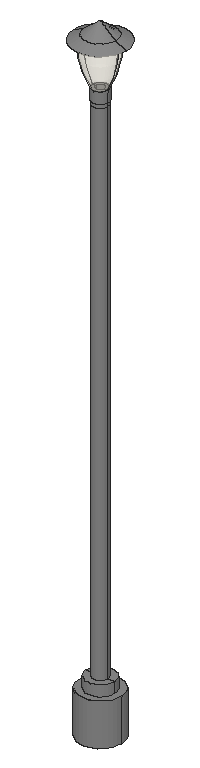
Revit family
Parameters (values of type "250 watt Halogen")
  Wattage = 250 W
  built-in parameter 1150110 = 1 (stored number, unit not read)
  built-in parameter 1114217 = 1 (stored number, unit not read)
  built-in parameter 1150109 = 1 (stored number, unit not read)
  built-in parameter 1150134 = 3
  built-in parameter 1150113 = 1 (stored number, unit not read)
  built-in parameter 1150105 = 358.1 (stored number, unit not read)
  built-in parameter 1150115 = 1 (stored number, unit not read)
  Light Source Symbol Size = 609.60 mm
  built-in parameter 1150137 = (empty or 0)
  built-in parameter 1150139 = (empty or 0)
  built-in parameter 1150112 = 1 (stored number, unit not read)
  built-in parameter 1150114 = 1 (stored number, unit not read)
  built-in parameter 1150132 = (empty or 0)
  built-in parameter 1150102 = (empty or 0)
  built-in parameter 1150107 = 3200 (stored number, unit not read)
  built-in parameter 1150138 = (empty or 0)
  built-in parameter 1150106 = 3.581 (stored number, unit not read)
  Height = 4600.00 mm
  Lamp = "T-4"
  Lumens = 4500 lm
  Shade Material = Glass - Frosted
  Stand Material = Metal - Paint Finish - Dark Gray, Matte
  Wattage Comments = "250"
  built-in parameter 1150104 = 1.6723 (stored number, unit not read)
  Dimming Lamp Color Temperature Shift = (empty or 0)
  Color Filter = 16777215
  built-in parameter 1114218 = 1 (stored number, unit not read)
  built-in parameter 1150133 = 10 (stored number, unit not read)
Types (4, lengths in mm): name | Wattage | built-in parameter 1150134 | built-in parameter 1150105 | built-in parameter 1150107 | built-in parameter 1150106 | Lamp | Lumens | Wattage Comments | built-in parameter 1150104
  (no name) | 250 W | 3 | 358.1 (stored number, unit not read) | 3200 (stored number, unit not read) | 3.581 (stored number, unit not read) | "T-4" | 4500 lm | "250" | 1.6723 (stored number, unit not read)
  400 watt Halogen | 400 W | 3 | 572.96 (stored number, unit not read) | 3200 (stored number, unit not read) | 5.7296 (stored number, unit not read) | "T-4" | 7200 lm | "400" | 1.6723 (stored number, unit not read)
  250 watt Sodium | 250 W | 13 | 2188.4 (stored number, unit not read) | 2100 (stored number, unit not read) | 21.884 (stored number, unit not read) | "E-18" | 27500 lm | "250" | 10.219 (stored number, unit not read)
  250 watt Halogen | 250 W | 3 | 358.1 (stored number, unit not read) | 3200 (stored number, unit not read) | 3.581 (stored number, unit not read) | "T-4" | 4500 lm | "250" | 1.6723 (stored number, unit not read)
Reference planes
  plane 1 "Light Source Axis": y = 0
  plane 2: z = 0
  plane 3 "Light Source Axis": x = 0
  plane 4: z = 4600
  plane 5: z = 4473
  plane 6: z = 4511.1
  plane 7: z = 4168.2
  plane 8: z = 4092
  plane 9: z = 4066.6
  plane 10: x = -114.3
  plane 11: x = -190.5
  plane 12: x = -165.1
  plane 13: x = -76.2
  plane 14: x = 101.6
  plane 15: x = 76.2
  plane 16 "Light Source Elevation": z = 4320.6
  plane 17: z = 304.8
Forms (mm)
  Extrusion 1, solid, material "Metal - Paint Finish - Dark Gray, Matte" <- "Stand Material"
    sketch origin (0, 0, 0) x (1, 0, 0) y (0, 1, 0)
      loop
        circle (0, 0) r 152.4
    from 0 to 304.8
  Revolve 2, solid, material "Metal - Paint Finish - Dark Gray, Matte" <- "Stand Material"
    sketch origin (0, 0, 0) x (1, 0, 0) y (0, 0, 1)
      loop
        line (0, 4600) -> (-114.3, 4511.1) -> (-190.5, 4473) -> (-114.3, 4473) -> (-114.3, 4481.731) -> (-144.639, 4481.731) -> (-107.454, 4500.324) -> (0, 4585.172) -> (0, 4600)
      loop
        line (-57.398, 4168.2) -> (-57.398, 4092) -> (-53.975, 4092) -> (-53.975, 4066.6) -> (-12.7, 4066.6) -> (-12.7, 4092) -> (-31.998, 4092) -> (-31.998, 4168.2) -> (-57.398, 4168.2)
      axis (0, 4600) -> (0, 4066.6)
    angle from 0 to 360
  Sweep 3, solid, material "Metal - Paint Finish - Dark Gray, Matte" <- "Stand Material"
    path origin (0, 0, 304.8) x (1, 0, 0) y (0, 1, 0)
      loop
        circle (0, 0) r 12.7
    profile origin (0, 0, 304.8) x (0, -1, 0) y (0, 0, 1)
      loop
        line (-25.4, 0) -> (-25.4, 3761.8) -> (-50.8, 3761.8) -> (-50.8, 76.2) -> (-101.6, 76.2) -> (-101.6, 0) -> (-25.4, 0)
  Revolve 4, solid, material "Glass - Frosted" <- "Shade Material"
    sketch origin (0, 0, 0) x (1, 0, 0) y (0, 0, 1)
      loop
        line (-57.398, 4168.2) -> (-51.043, 4168.2)
        arc (-51.043, 4168.2) -> (-108.966, 4315.957) -> (-131.878, 4473) r 695.382
        line (-131.878, 4473) -> (-139.069, 4473)
        arc (-139.069, 4473) -> (-115.751, 4315.906) -> (-57.398, 4168.2) r 695.382
      axis (0, 4473) -> (0, 4168.2)
    angle from 0 to 360
Lines and regions (mm)
  symbolic lines, style "Exterior"
    curve 1: arc (152.4, 0, 0) -> (0, 152.4, 0) -> (-152.4, 0, 0) r 152.4
    curve 2: arc (-152.4, 0, 0) -> (0, -152.4, 0) -> (152.4, 0, 0) r 152.4
    curve 3: arc (12.7, 0, 0) -> (0, 12.7, 0) -> (-12.7, 0, 0) r 12.7
    curve 4: arc (-12.7, 0, 0) -> (0, -12.7, 0) -> (12.7, 0, 0) r 12.7
Dimensions and locks
  "Height": plane 4 to plane 2
  locked: plane 8 to plane 9 at 25.4
  locked: plane 7 to plane 8 at 76.2
  locked: plane 5 to plane 7 at 304.8
  locked: plane 6 to plane 5 at 38.1
  locked: plane 4 to plane 6 at 88.9
  equal spacing: plane 5, plane 16 "Light Source Elevation", plane 7
  aligned and locked: plane 10 to Revolve 2 sketch curve
  aligned and locked: plane 11 to Revolve 2 sketch curve
  aligned and locked: plane 5 to Revolve 2 sketch curve
  aligned and locked: Sweep 3 sketch curve to plane 9
  aligned and locked: Sweep 3 sketch curve to plane 17
  aligned and locked: imposter light to plane 3 "Light Source Axis"
  aligned and locked: plane 1 "Light Source Axis" to imposter light
  aligned and locked: plane 16 "Light Source Elevation" to imposter light
Automatic sketch dimensions
  Extrusion 1 sketch curve to plane 1 "Light Source Axis" = 0.00 mm
  Extrusion 1 sketch curve to plane 3 "Light Source Axis" = 0.00 mm
  Extrusion 1 sketch curve to plane 3 "Light Source Axis" = 152.40 mm
  Sweep 3 sketch curve to plane 1 "Light Source Axis" = 0.00 mm
  Sweep 3 sketch curve to plane 3 "Light Source Axis" = 0.00 mm
  Sweep 3 sketch curve to plane 3 "Light Source Axis" = 12.70 mm
  Revolve 2 sketch curve to plane 10 = 0.00 mm
  Revolve 2 sketch curve to plane 7 = 0.00 mm
  Revolve 2 sketch curve to plane 8 = 0.00 mm  (x2)
  Revolve 2 sketch curve to plane 9 = 0.00 mm
  Revolve 2 sketch curve to plane 3 "Light Source Axis" = 0.00 mm
  Revolve 2 sketch curve to plane 5 = 8.731 mm
  Revolve 2 sketch curve to plane 12 = 20.461 mm
  Revolve 2 sketch curve to plane 10 = 6.846 mm
  Revolve 2 sketch curve to plane 3 "Light Source Axis" = 57.398 mm
  Revolve 2 sketch curve to Revolve 2 sketch curve = 3.423 mm
  Revolve 2 sketch curve to Revolve 2 sketch curve = 25.40 mm
  Revolve 2 sketch curve to plane 3 "Light Source Axis" = 12.70 mm
  Revolve 2 sketch curve to plane 6 = 0.00 mm
  Revolve 2 sketch curve to plane 4 = 0.00 mm  (x2)
  plane 9 to Revolve 2 sketch curve = 76.20 mm
  plane 6 to Revolve 2 sketch curve = 10.776 mm
  Revolve 2 sketch curve to Revolve 2 sketch curve = 14.828 mm
  Revolve 2 sketch curve to Revolve 2 sketch curve = 254.00 mm
  Revolve 4 sketch curve to plane 5 = 0.00 mm
  Revolve 4 sketch curve to plane 7 = 0.00 mm
  Revolve 4 sketch curve to plane 3 "Light Source Axis" = 0.00 mm
  Revolve 4 sketch curve to plane 3 "Light Source Axis" = 51.043 mm
  Revolve 4 sketch curve to Revolve 4 sketch curve = 6.355 mm
  Revolve 4 sketch curve to plane 3 "Light Source Axis" = 131.878 mm
  Revolve 4 sketch curve to Revolve 4 sketch curve = 7.191 mm
  Revolve 4 sketch curve to plane 5 = 22.884 mm
  Revolve 4 sketch curve to Revolve 4 sketch curve = 7.244 mm
  Revolve 4 sketch curve to plane 8 = 25.40 mm
  Revolve 4 sketch curve to plane 4 = 177.80 mm
  curve 1 to plane 1 "Light Source Axis" = 0.00 mm
  curve 4 to plane 1 "Light Source Axis" = 0.00 mm
  curve 2 to plane 3 "Light Source Axis" = 0.00 mm
  curve 3 to plane 3 "Light Source Axis" = 0.00 mm
  curve 3 to plane 3 "Light Source Axis" = 12.70 mm
  curve 2 to plane 12 = 12.70 mm
  profile plane to Sweep 3 sketch curve = 88.90 mm
  profile plane to Sweep 3 sketch curve = 38.10 mm
  profile plane to Sweep 3 sketch curve = 12.70 mm
  Sweep 3 sketch curve to Sweep 3 sketch curve = 76.20 mm
